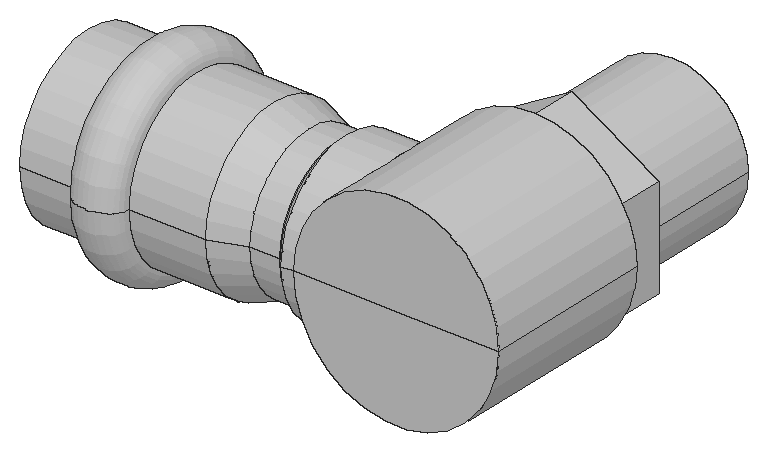
Revit family "VTi.953.I_Пресс-угольник_наруж_Нерж_VALTEC", category Обобщенные модели, Revit 2023
Family settings
  Может служить основой для арматурных стержней = Нет
  Размер круглого соединителя = Использовать диаметр
  Тип детали = Нормальный
  На основе рабочей плоскости = Нет
  Всегда вертикально = Да
  При загрузке вырезать с полостями = Нет
  Сохранять ориентацию аннотаций = Нет
  Общий = Нет
  Точка принадлежности помещению = Нет
Parameters
  Отметка по умолчанию = 0.00 mm
  l9 [instance] = size_lookup(LT, "l9", 77.00 mm, dn1, dn2)  # 10.00 mm
  l8 [instance] = size_lookup(LT, "l8", 77.00 mm, dn1, dn2)  # 12.50 mm
  l7 [instance] = size_lookup(LT, "l7", 77.00 mm, dn1, dn2)  # 14.02 mm
  l6 [instance] = size_lookup(LT, "l6", 77.00 mm, dn1, dn2)  # 1.00 mm
  l5 [instance] = size_lookup(LT, "l5", 77.00 mm, dn1, dn2)  # 3.70 mm
  l4 [instance] = size_lookup(LT, "l4", 77.00 mm, dn1, dn2)  # 4.10 mm
  l3 [instance] = size_lookup(LT, "l3", 77.00 mm, dn1, dn2)  # 9.45 mm
  l2 [instance] = size_lookup(LT, "l2", 77.00 mm, dn1, dn2)  # 6.50 mm
  l12 [instance] = size_lookup(LT, "l12", 77.00 mm, dn1, dn2)  # 5.80 mm
  l11 [instance] = size_lookup(LT, "l11", 77.00 mm, dn1, dn2)  # 15.20 mm
  l10 [instance] = size_lookup(LT, "l10", 77.00 mm, dn1, dn2)  # 32.00 mm
  l1 [instance] = size_lookup(LT, "l1", 77.00 mm, dn1, dn2)  # 6.75 mm
  h_выступа [instance] = size_lookup(LT, "h_выступа", 77.00 mm, dn1, dn2)  # 2.50 mm
  dn2 [instance] = 15 mm
  dn1 [instance] = 18 mm
  d_гайки [instance] = size_lookup(LT, "d_гайки", 77.00 mm, dn1, dn2)  # 24.50 mm
  d3 [instance] = size_lookup(LT, "d3", 77 mm, dn1, dn2)  # 18.6 mm
  d2 [instance] = size_lookup(LT, "d2", 77.00 mm, dn1, dn2)  # 20.00 mm
  d1 [instance] = size_lookup(LT, "d1", 77 mm, dn1, dn2)  # 18 mm
  d [instance] = size_lookup(LT, "d", 77 mm, dn1, dn2)  # 21 mm
  LT = "VTi.953.I_Пресс-угольник_наруж_Нерж_VALTEC"  # constant formula
  ADSK_Примечание [instance] = ""
  ADSK_Позиция [instance] = ""
  ADSK_Обозначение [instance] = ADSK_Марка  # "VTi.953.I.001804"
  ADSK_Наименование [instance] = size_lookup(LT, "", "Типоразмер не найден", dn1, dn2)  # "Фитинг из нержавеющей стали-пресс-угольник с внутренней резьбой 18 мм х 1/2\""
  ADSK_Материал = Сталь, нержавеющая - VALTEC
  ADSK_Масса [instance] = size_lookup(LT, "ADSK_Масса", 0, dn1, dn2)  # 0.082
  ADSK_Марка [instance] = size_lookup(LT, "ADSK_Марка", "Типоразмер не найден", dn1, dn2)  # "VTi.953.I.001804"
  ADSK_Количество = 1  # constant formula
  ADSK_Код изделия [instance] = "VTi.952.I"  # constant formula
  ADSK_Завод-изготовитель [instance] = "VALTEC"  # constant formula
  ADSK_Единица измерения = "шт."  # constant formula
Reference planes
  plane 1 "По центру (Вперед/Назад)": y = 0
  plane 2: z = 0
  plane 3 "По центру (Влево/Вправо)": x = 0
  plane 4: x = -15.02
  plane 5: y = 32
  plane 6: y = -10
  plane 7: x = 12.5
  plane 8: x = -14.02
  plane 9: y = 16.8
  plane 10: y = 11
Forms (mm)
  Revolve 1, solid, material "Сталь, нержавеющая - VALTEC" <- "ADSK_Материал"
    sketch origin (0, 0, 0) x (1, 0, 0) y (0, 1, 0)
      loop
        line (12.5, 11) -> (0, 11) -> (0, -10) -> (12.5, -10) -> (12.5, 11)
      axis (0, 11) -> (0, -10)
    angle from 0 to 360
  Revolve 2, solid, material "Сталь, нержавеющая - VALTEC" <- "ADSK_Материал"
    sketch origin (0, 0, 0) x (1, 0, 0) y (0, 1, 0)
      loop
        line (-14.02, 0) -> (-14.02, -10) -> (0, -10) -> (0, 0) -> (-14.02, 0)
      axis (-14.02, 0) -> (0, 0)
    angle from 0 to 360
  SweptBlend 3, solid, material "Сталь, нержавеющая - VALTEC" <- "ADSK_Материал"
    path in 3D
      loop
        line (-15.02, 0, 0) -> (-14.02, 0, 0)
    profile origin (-15.02, 0, 0) x (0, 1, 0) y (0, 0, 1)
      loop
        circle (0, 0) r 9
    end profile origin (-14.02, 0, 0) x (0, 1, 0) y (0, 0, 1)
      loop
        circle (0, 0) r 10
  Sweep 4, solid, material "Сталь, нержавеющая - VALTEC" <- "ADSK_Материал"
    path in 3D
      loop
        line (0, 16.8, 0) -> (0, 32, 0)
    profile origin (0, 24.4, 0) x (-1, 0, 0) y (0, 0, 1)
      loop
        circle (0, 0) r 9.3
Cuts and joins
  joined: Revolve 1, Revolve 2, SweptBlend 3
Lines and regions (mm)
  model lines
    curve 1: line (0, 32, 0) -> (0, -10, 0)
    curve 2: line (-14.02, 0, 0) -> (12.5, 0, 0)
    curve 3: line (-15.02, 0, 0) -> (-14.02, 0, 0)
    curve 5: line (0, 16.8, 0) -> (0, 32, 0)
    curve 6: line (0, 11, 0) -> (0, -10, 0)
  sketch lines
    curve 4: line (-15.02, 0, 0) -> (-14.02, 0, 0)
    curve 7: line (0, 16.8, 0) -> (0, 32, 0)
Dimensions and locks
  "l9": plane 6 to plane 1 "По центру (Вперед/Назад)"
  "l10": plane 1 "По центру (Вперед/Назад)" to plane 5
  "l8": plane 3 "По центру (Влево/Вправо)" to plane 7
  "l7": plane 8 to plane 3 "По центру (Влево/Вправо)"
  "l6": plane 4 to plane 8
  "l11": plane 5 to plane 9
  "l12": plane 9 to plane 10
  "d1": diameter of SweptBlend 3 sketch curve
  "d2": diameter of SweptBlend 3 sketch curve
  "d3": diameter of Sweep 4 sketch curve
  aligned and locked: level to plane 2
  aligned and locked: nested 1 to plane 4
  aligned and locked: plane 1 "По центру (Вперед/Назад)" to nested 1
  aligned and locked: plane 5 to curve 1
  aligned and locked: plane 6 to curve 1
  aligned and locked: curve 1 to plane 3 "По центру (Влево/Вправо)"
  aligned and locked: plane 8 to curve 2
  aligned and locked: plane 7 to curve 2
  aligned and locked: plane 1 "По центру (Вперед/Назад)" to curve 2
  aligned and locked: plane 4 to curve 3
  aligned and locked: plane 1 "По центру (Вперед/Назад)" to curve 3
  aligned and locked: plane 3 "По центру (Влево/Вправо)" to Revolve 1 sketch curve
  aligned and locked: Revolve 1 sketch curve to plane 7
  aligned and locked: plane 6 to Revolve 1 sketch curve
  aligned and locked: Revolve 2 sketch curve to curve 2
  aligned and locked: Revolve 2 sketch curve to plane 6
  aligned and locked: plane 8 to Revolve 2 sketch curve
  aligned and locked: plane 1 "По центру (Вперед/Назад)" to Revolve 2 sketch curve
  aligned and locked: Revolve 2 sketch curve to plane 3 "По центру (Влево/Вправо)"
  aligned and locked: plane 10 to nested 2
  aligned and locked: plane 5 to curve 5
  aligned and locked: plane 9 to curve 5
  aligned and locked: plane 3 "По центру (Влево/Вправо)" to curve 5
  aligned and locked: plane 10 to curve 6
  aligned and locked: plane 6 to curve 6
  aligned and locked: curve 6 to plane 3 "По центру (Влево/Вправо)"
  aligned and locked: Revolve 1 sketch curve to curve 6
Automatic sketch dimensions
  Revolve 2 sketch curve to plane 8 = 0.00 mm
  Revolve 2 sketch curve to plane 7 = 0.00 mm
  plane 10 to Revolve 1 sketch curve = 0.00 mm  (x2)
  Revolve 1 sketch curve to plane 6 = 0.00 mm
  SweptBlend 3 sketch curve to profile plane = 0.00 mm  (x4)
  Sweep 4 sketch curve to profile plane = 0.00 mm  (x2)
Nested families
  nested 1: "Патрубок" at (-15.02, 0, 0), d <- "d", d1 <- "d1", h_выступа <- "h_выступа", l1 <- "l1", l2 <- "l2", l3 <- "l3", l4 <- "l4", l5 <- "l5", ADSK_Материал <- "ADSK_Материал", type "Патрубок"
    with l5 3.70 mm, l4 4.10 mm, l3 9.45 mm, l2 6.50 mm, l1 6.75 mm, h_выступа 2.50 mm, d1 18.00 mm, d 21.00 mm, ADSK_Материал Сталь, нержавеющая - VALTEC
  nested 2: "Гайка_6 сторон" at (0, 11, 0), L <- "l12", d <- "d_гайки", ADSK_Материал <- "ADSK_Материал", type "Гайка_6 сторон"
    with m 21.218 mm, d 24.50 mm, L 5.80 mm, ADSK_Материал Сталь, нержавеющая - VALTEC
Connectors
  piping at (-45.52, 0, 0), diameter 18, driven by "dn1"
    settings: on nested 1, index 1, connector inside diameter 609.6 mm, connector length 0.00 mm, flow factor 0, pipe flow 0.0 L/s, pressure drop 0.0 Pa, fitting loss kfactor 0, connector angle 0.00°, fixture units 0, engagement length 0.00 mm, angle of deflection 0.00°, flow configuration 0, flow direction 0, fitting loss method 0, system type 28, joint type 0, gender type 0, connector reference index -1, connector utility 0, adjustable connector no, is connector primary yes, connector description ""
  piping at (0, 25, 0), diameter 15, driven by "dn2"
    settings: on Revolve 1, index 2, connector inside diameter 609.6 mm, connector length 0.00 mm, flow factor 0, pipe flow 0.0 L/s, pressure drop 0.0 Pa, fitting loss kfactor 0, connector angle 0.00°, fixture units 0, engagement length 0.00 mm, angle of deflection 0.00°, flow configuration 0, flow direction 0, fitting loss method 0, system type 28, joint type 0, gender type 0, connector reference index -1, connector utility 0, adjustable connector no, is connector primary no, connector description ""
Definition of nested family "Патрубок"
  Parameters (values of type "Патрубок")
    Default Elevation = 0.00 mm
    l5 [instance] = 8.50 mm
    l4 [instance] = 1.50 mm
    l3 [instance] = 8.00 mm
    l2 [instance] = 7.00 mm
    l1 [instance] = 5.50 mm
    h_выступа [instance] = 2.50 mm
    d1 [instance] = 13.50 mm
    d [instance] = 14.70 mm
    ADSK_Материал [instance] = none
  Reference planes
    plane 1 "По центру (Вперед/Назад)": y = 0
    plane 2: z = 0
    plane 3 "По центру (Влево/Вправо)": x = 0
    plane 4: y = 7.35
    plane 5: y = -7.35
    plane 6: x = -18
    plane 7: x = -10
    plane 8: x = -8.5
    plane 9: x = -25
    plane 10: x = -30.5
  Forms (mm)
    Revolve 1, solid, material <- "ADSK_Материал"
      sketch origin (0, 0, 0) x (1, 0, 0) y (0, 1, 0)
        loop
          line (-30.5, 0) -> (-10, 0) -> (-10, 7.35) -> (-18, 7.35)
          spline (-18, 7.35) -> (-18.119, 7.997) -> (-18.469, 8.6) -> (-19.025, 9.118) -> (-19.75, 9.515) -> (-20.594, 9.765) -> (-21.5, 9.85) -> (-22.406, 9.765) -> (-23.25, 9.515) -> (-23.975, 9.118) -> (-24.531, 8.6) -> (-24.881, 7.997) -> (-25, 7.35)
          line (-25, 7.35) -> (-30.5, 7.35) -> (-30.5, 0)
        axis (-30.5, 0) -> (-10, 0)
      angle from 0 to 360
    SweptBlend 2, solid, material <- "ADSK_Материал"
      path in 3D
        loop
          line (-10, 0, 0) -> (-8.5, 0, 0)
      profile origin (-10, 0, 0) x (0, 1, 0) y (0, 0, 1)
        loop
          circle (0, 0) r 7.35
      end profile origin (-8.5, 0, 0) x (0, 1, 0) y (0, 0, 1)
        loop
          circle (0, 0) r 6.75
    Sweep 3, solid, material <- "ADSK_Материал"
      path in 3D
        loop
          line (-8.5, 0, 0) -> (0, 0, 0)
      profile origin (-4.25, 0, 0) x (0, 1, 0) y (0, 0, 1)
        loop
          circle (0, 0) r 6.75
  Cuts and joins
    joined: Revolve 1, SweptBlend 2, Sweep 3
  Lines and regions (mm)
    model lines
      curve 1: line (-30.5, 0, 0) -> (-10, 0, 0)
      curve 2: line (-10, 0, 0) -> (-8.5, 0, 0)
      curve 3: line (-8.5, 0, 0) -> (0, 0, 0)
    sketch lines
      curve 4: line (-10, 0, 0) -> (-8.5, 0, 0)
      curve 5: line (-8.5, 0, 0) -> (0, 0, 0)
  Dimensions and locks
    equal spacing: plane 5, plane 1 "По центру (Вперед/Назад)", plane 4
    "d": plane 5 to plane 4
    "l3": plane 6 to plane 7
    "l4": plane 7 to plane 8
    "l5": plane 8 to plane 3 "По центру (Влево/Вправо)"
    "l2": plane 9 to plane 6
    "l1": plane 10 to plane 9
    "h_выступа": Revolve 1 sketch curve to Revolve 1 sketch curve
    "d": diameter of SweptBlend 2 sketch curve
    "d1": diameter of SweptBlend 2 sketch curve
    "d1": diameter of Sweep 3 sketch curve
    aligned and locked: level to plane 2
    aligned and locked: plane 3 "По центру (Влево/Вправо)" to curve 3
    aligned and locked: plane 8 to curve 3
    aligned and locked: plane 7 to curve 2
    aligned and locked: plane 10 to curve 1
    aligned and locked: plane 1 "По центру (Вперед/Назад)" to curve 1
    aligned and locked: plane 1 "По центру (Вперед/Назад)" to curve 2
    aligned and locked: plane 1 "По центру (Вперед/Назад)" to curve 3
    aligned and locked: plane 10 to Revolve 1 sketch curve
    aligned and locked: plane 7 to Revolve 1 sketch curve
    aligned and locked: plane 4 to Revolve 1 sketch curve  (x2)
    aligned and locked: Revolve 1 sketch curve to plane 1 "По центру (Вперед/Назад)"
    aligned and locked: Revolve 1 sketch curve to curve 1
  Automatic sketch dimensions
    Revolve 1 sketch curve to plane 10 = 0.00 mm
    Revolve 1 sketch curve to plane 9 = 0.00 mm
    Revolve 1 sketch curve to plane 6 = 0.00 mm
    Revolve 1 sketch curve to plane 7 = 0.00 mm
    SweptBlend 2 sketch curve to profile plane = 0.00 mm  (x4)
    Sweep 3 sketch curve to profile plane = 0.00 mm  (x2)
Definition of nested family "Гайка_6 сторон"
  Parameters (values of type "Гайка_6 сторон")
    Default Elevation = 0.00 mm
    m [instance] = (d / 2) / (2 * tan(180.00° / 6)) * 2  # 12.99 mm
    d [instance] = 15.00 mm
    L [instance] = 15.008 mm
    ADSK_Материал [instance] = none
  Reference planes
    plane 1 "По центру (Вперед/Назад)": y = 0
    plane 2: z = 0
    plane 3 "По центру (Влево/Вправо)": x = 0
    plane 4: x = -6.495
    plane 5: x = 6.495
    plane 6: z = 7.5
    plane 7: z = -7.5
    plane 8: through (-4.434, -1524, 2.56) normal (0.5, 0, 0.866)
    plane 9: through (4.434, -1524, 2.56) normal (0.5, 0, -0.866)
    plane 10: through (-1.187, -1524, 8.185) normal (0.5, 0, 0.866)
    plane 11: through (-7.682, -1524, -3.065) normal (0.5, 0, 0.866)
    plane 12: through (1.187, -1524, 8.185) normal (0.5, 0, -0.866)
    plane 13: through (7.682, -1524, -3.065) normal (0.5, 0, -0.866)
    plane 14: y = 15.008
  Forms (mm)
    Extrusion 1, solid, material <- "ADSK_Материал"
      sketch origin (0, 0, 0) x (1, 0, 0) y (0, 0, 1)
        loop
          line (0, 7.5) -> (-6.495, 3.75) -> (-6.495, -3.75) -> (0, -7.5) -> (6.495, -3.75) -> (6.495, 3.75) -> (0, 7.5)
      from -15.008 to 0
  Dimensions and locks
    equal spacing: plane 5, plane 3 "По центру (Влево/Вправо)", plane 4
    "m": plane 5 to plane 4
    equal spacing: plane 6, plane 2, plane 7
    "d": plane 6 to plane 7
    equal spacing: plane 12, plane 9, plane 13
    "m": plane 12 to plane 13
    equal spacing: plane 10, plane 8, plane 11
    "m": plane 10 to plane 11
    "L": plane 1 "По центру (Вперед/Назад)" to plane 14
    aligned and locked: level to plane 2
    aligned and locked: Extrusion 1 sketch curve to plane 4
    aligned and locked: plane 12 to Extrusion 1 sketch curve
    aligned and locked: plane 10 to Extrusion 1 sketch curve
    aligned and locked: Extrusion 1 sketch curve to plane 5
    aligned and locked: Extrusion 1 sketch curve to plane 13
    aligned and locked: Extrusion 1 sketch curve to plane 11
    aligned and locked: plane 1 "По центру (Вперед/Назад)" to Extrusion 1
    aligned and locked: plane 14 to Extrusion 1
